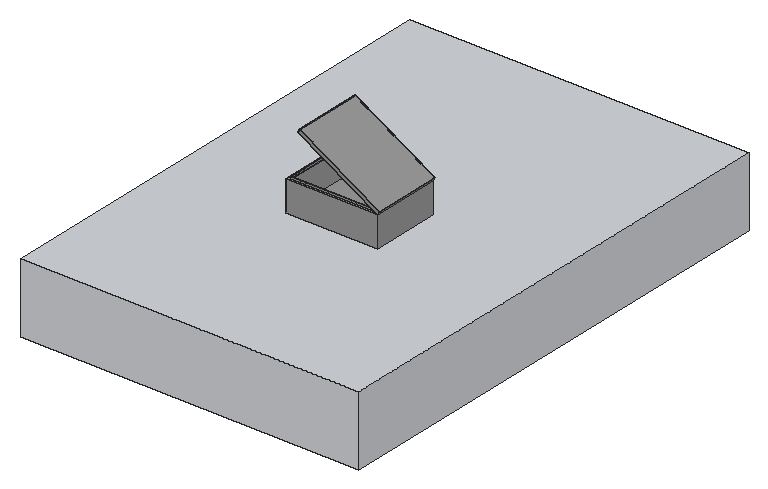
Revit family "Hager-Orion_Inox-IP66-D150-Cl.I-Inox_encl-630A-300mm-PL-pl", category Equipement électrique, Revit 2020
Family settings
  Hôte = Face
  Configuration du panneau = Deux colonnes, circuits au sein
  Cote de connecteur circulaire = Utiliser le diamètre
  Type d'élément = Tableau de raccordement
  Couper avec des vides une fois chargée = Non
  Partagée = Non
  Point de calcul de pièce = Non
Parameters (values of type "Montaż natynkowy IP66 S400 W300 G150  - FL013BWL")
  Width Control [instance] = if([EF000008 - Szerokość] > Min Width, [EF000008 - Szerokość], Min Width)  # 400 mm
  Commentaires du type = [HG000003 - Zakres]  # "Orion Inox"
  Thickness Door [instance] = if([EF009171 - Drzwi/pokrywa z materiału o wysokiej wytrzymałości mechanicznej] > 3 mm, 3 mm, [EF009171 - Drzwi/pokrywa z materiału o wysokiej wytrzymałości mechanicznej])  # 1.5 mm
  Seal Frame Offset [instance] = 17 mm  # constant formula
  Model = ""
  Min Width [instance] = 100 mm  # constant formula
  Min Height [instance] = 100 mm  # constant formula
  Min Depth [instance] = (2 * [EF009170 - Obudowa z materiału o wysokiej wytrzymałości mechanicznej]) + 1 mm  # 4 mm
  Internal Frame Depth [instance] = (Door System Depth * 0.5)  # 9 mm
  Height Control [instance] = if([EF000040 - Wysokość] > Min Height, [EF000040 - Wysokość], Min Height)  # 300 mm
  HG000027 - Wysokość cokołu = 0 mm
  HG000026 - Stojąca = no
  HG000024 - Wysokość części dolnej = 800 mm
  HG000023 - Obudowa dwusekcyjna = no
  HG000016 - Widoczność drzwi w widoku 3D [instance] = yes
  HG000015 - Przestrzeń robocza - otwarcie drzwi [instance] = no
  HG000014 - Drzwi prawe [instance] = yes
  HG000013 - Drzwi lewe [instance] = not([HG000014 - Drzwi prawe])  # no
  HG000012 - Kąt otwarcia drzwi [instance] = 30.00°
  HG000010 - Drzwi asymetryczne = no
  HG000009 - Drzwi dwuskrzydłowe = no
  HG000006 - Montaż podtynkowy = no
  HG000004 - Referencja producenta = "FL013BWL"
  HG000003 - Zakres = "Orion Inox"
  HG000002 - Z drzwiami lub pokrywą = yes
  Frame Offset Bottom [instance] = 10 mm  # constant formula
  Frame Offset [instance] = 15 mm  # constant formula
  EF015940 - Pokrywa z wyzwalaczem nadciśnieniowym = no
  EF011959 - Stopień ochrony (NEMA) = ""
  EF009554 - Liczba otworów pod flansze = 0
  Fabricant = "Hager"  # constant formula
  EF009212 - Wykonanie pokrywy = "EV000116 - Zamknięty"
  EF009171 - Drzwi/pokrywa z materiału o wysokiej wytrzymałości mechanicznej = 1.5 mm
  EF009170 - Obudowa z materiału o wysokiej wytrzymałości mechanicznej = 1.5 mm
  EF008873 - Prąd znamionowy (In) = 630 A
  EF007800 - Do ochrony odgromowej = no
  EF006306 - Z zamkiem = yes
  EF006244 - Transparentna pokrywa/drzwi = no
  EF005474 - Stopień ochrony (IP) = "EV006422 - IP66"
  EF004464 - Rodzaj drzwi = "EV002646 - Pojedynczy"
  EF004427 - Liczba modułów = 0
  EF004293 - Odporność udarowa = "EV008784 - IK10"
  EF003532 - Do zastosowań zewnętrznych = yes
  EF002950 - Szerokość wyrażona liczbą modułów = 0
  EF001613 - Podtrzymanie funkcji = "EV000494 - Brak"
  EF001596 - Materiał obudowy = "EV000166 - Stal nierdzewna"
  EF001131 - Głębokość wewnętrzna = 116 mm
  EF001088 - Możliwość rozbudowy = yes
  EF000437 - Liczba wejść kablowych = 0
  EF000339 - Rodzaj pokrywy = "EV004216 - Drzwi"
  EF000266 - Liczba rzędów = 0
  EF000218 - Głębokość wbudowania = 0 mm
  EF000118 - Z płytą montażową = no
  EF000116 - Numer RAL = ""
  EF000049 - Głębokość = 150 mm
  EF000040 - Wysokość = 300 mm
  EF000008 - Szerokość = 400 mm
  EF000007 - Kolor = "EV000154 - Inne"
  EF000003 - Sposób montażu = "EV000384 - Montaż natynkowy"
  Door System Leaf Tolerance [instance] = 1.5 mm  # constant formula
  Door System Depth [instance] = 18 mm  # constant formula
  Depth Control [instance] = if([EF000049 - Głębokość] > Min Depth, [EF000049 - Głębokość], Min Depth)  # 150 mm
  Default Elevation = 0 mm
Types (4, lengths in mm): name | Width Control | HG000004 - Referencja producenta | EF009212 - Wykonanie pokrywy | EF006306 - Z zamkiem | EF001613 - Podtrzymanie funkcji | EF000008 - Szerokość
  Montaż natynkowy IP66 S200 W300 G150  - FL010BW | 200 | "FL010BW" | "EV009916 - Z otworem" | no | "" | 200
  Montaż natynkowy IP66 S200 W300 G150  - FL010BWL | 200 | "FL010BWL" | "EV009916 - Z otworem" | no | "" | 200
  Montaż natynkowy IP66 S400 W300 G150  - FL013BW | 400 | "FL013BW" | "EV000116 - Zamknięty" | yes | "EV000494 - Brak" | 400
  Montaż natynkowy IP66 S400 W300 G150  - FL013BWL | 400 | "FL013BWL" | "EV000116 - Zamknięty" | yes | "EV000494 - Brak" | 400
Reference planes
  plane 1 "Center (Front/Back)": y = 0
  plane 2: z = 0
  plane 3 "Center (Left/Right)": x = 0
  plane 4: z = 150
  plane 5: y = 1.5
  plane 6: y = 150
  plane 7: y = 0
  plane 8: y = 300
  plane 9: z = 0
  plane 10: x = -185
  plane 11: x = 185
  plane 12: x = 183.5
  plane 13: x = -183.5
  plane 14: y = 298.5
  plane 15: x = -183
  plane 16: x = -200
  plane 17: x = 183
  plane 18: x = 200
  plane 19: x = 198.5
  plane 20: x = -198.5
  plane 21: y = 11.5
  plane 22: y = 300
  plane 23: y = 283.5
  plane 24: z = 132
  plane 25: z = 1.5
  plane 26: z = 130.5
  plane 27: z = 148.5
Forms (mm)
  Extrusion 1, solid
    sketch origin (0, 0, 0) x (1, 0, 0) y (0, 1, 0)
      loop
        line (-702.964, 1305) -> (-702.964, -811.445) -> (766.763, -811.445) -> (766.763, 1305) -> (-702.964, 1305)
    from 0 to -304.8
  Extrusion 2, solid, material "Hager_Stainless_Steel", detail levels medium+fine
    sketch origin (0, 0, 0) x (1, 0, 0) y (0, 1, 0)
      loop
        line (-200, 0) -> (200, 0) -> (200, 300) -> (-200, 300) -> (-200, 0)
    from 0 to 132
  Extrusion 3, solid, material "Hager_Steel_RAL 7035_Light_Grey", not visible, detail levels medium+fine
    sketch origin (0, 28.16, 50.802) x (0, 1, 0) y (0, 0, 1)
      loop
        line (173.34, -50.802) -> (173.34, 87.698)
        arc (173.34, 87.698) -> (170.411, 94.769) -> (163.34, 97.698) r 10
        line (163.34, 97.698) -> (133.34, 97.698) -> (133.34, -50.802) -> (173.34, -50.802)
    from -198.5 to 198.5
  Extrusion 4, void
    sketch origin (0, 0, 0) x (1, 0, 0) y (0, 1, 0)
      loop
        line (-198.5, 1.5) -> (198.5, 1.5) -> (198.5, 298.5) -> (-198.5, 298.5) -> (-198.5, 1.5)
    from 1.5 to 130.5
  Extrusion 5, void
    sketch origin (-381.607, -4572, 132) x (0, -1, 0) y (-1, 0, 0)
      loop
        line (-4583.5, -198.107) -> (-4855.5, -198.107) -> (-4855.5, -565.107) -> (-4583.5, -565.107) -> (-4583.5, -198.107)
    from 0 to 1.5 <- "EF009170 - Obudowa z materiału o wysokiej wytrzymałości mechanicznej"
  Extrusion 6, solid, material "Hager_Stainless_Steel", detail levels fine
    sketch origin (-381.607, -4572, 132) x (-1, 0, 0) y (0, -1, 0)
      loop
        line (-198.107, -4583.5) -> (-565.107, -4583.5) -> (-565.107, -4855.5) -> (-198.107, -4855.5) -> (-198.107, -4583.5)
      loop
        line (-197.107, -4582) -> (-566.107, -4582) -> (-566.107, -4857) -> (-197.107, -4857) -> (-197.107, -4582)
    from 0 to 9 <- "Internal Frame Depth"
  Extrusion 7, solid, material "Hager_Stainless_Steel", detail levels coarse
    sketch origin (0, 0, 0) x (1, 0, 0) y (0, 1, 0)
      loop
        line (-200, 0) -> (200, 0) -> (200, 300) -> (-200, 300) -> (-200, 0)
    from 0 to 150
Cuts and joins
  Extrusion 4, Extrusion 5 cuts Extrusion 2
Lines and regions (mm)
  Masking region 1
    outline origin (0, 0, 0) x (1, 0, 0) y (0, 0, 1)
      loop
        line (-200, 150) -> (-200, 0) -> (200, 0) -> (200, 150) -> (-200, 150)
  Masking region 2, detail levels medium+fine
    outline origin (0, 140, 0) x (0, 1, 0) y (0, 0, 1)
      loop
        line (-140, 0) -> (160, 0) -> (160, 132) -> (-140, 132) -> (-140, 0)
  Masking region 3, not visible, detail levels medium+fine
    outline origin (0, 297.922, 0) x (0, 1, 0) y (0, 0, 1)
      loop
        line (-136.422, 0) -> (-96.422, 0) -> (-96.422, 138.5)
        arc (-96.422, 138.5) -> (-99.351, 145.571) -> (-106.422, 148.5) r 10
        line (-106.422, 148.5) -> (-136.422, 148.5) -> (-136.422, 0)
  Masking region 4, detail levels coarse
    outline origin (0, 0, 180) x (0, 1, 0) y (0, 0, 1)
      loop
        line (0, -180) -> (300, -180) -> (300, -30) -> (0, -30) -> (0, -180)
  Masking region 5
    outline origin (-381.607, -4572, 132) x (-1, 0, 0) y (0, -1, 0)
      loop
        line (-181.607, -4872) -> (-181.607, -4572) -> (-581.607, -4572) -> (-581.607, -4872) -> (-181.607, -4872)
Dimensions and locks
  "Depth Control": plane 4 to Extrusion 1
  "EF009170 - Obudowa z materiału o wysokiej wytrzymałości mechanicznej": plane 5 to plane 7
  locked: connector elem to plane 3 "Center (Left/Right)"
  equal spacing: plane 8, plane 6, plane 7
  locked: connector elem to plane 6
  "EF009170 - Obudowa z materiału o wysokiej wytrzymałości mechanicznej": plane 8 to plane 14
  "EF009170 - Obudowa z materiału o wysokiej wytrzymałości mechanicznej": plane 10 to plane 13
  "EF009170 - Obudowa z materiału o wysokiej wytrzymałości mechanicznej": plane 12 to plane 11
  "Frame Offset": plane 20 to plane 13
  "Frame Offset": plane 12 to plane 19
  "EF009170 - Obudowa z materiału o wysokiej wytrzymałości mechanicznej": plane 16 to plane 20
  "EF009170 - Obudowa z materiału o wysokiej wytrzymałości mechanicznej": plane 19 to plane 18
  "Seal Frame Offset": plane 16 to plane 15
  "Seal Frame Offset": plane 17 to plane 18
  "Frame Offset Bottom": plane 21 to plane 5
  "Frame Offset": plane 14 to plane 23
  equal spacing: plane 16, plane 3 "Center (Left/Right)", plane 18
  "Width Control": plane 16 to plane 18
  "EF009170 - Obudowa z materiału o wysokiej wytrzymałości mechanicznej": plane 4 to plane 27
  "EF009170 - Obudowa z materiału o wysokiej wytrzymałości mechanicznej": plane 24 to plane 26
  "EF009170 - Obudowa z materiału o wysokiej wytrzymałości mechanicznej": plane 25 to level
  "Door System Depth": plane 4 to plane 24
  "Height Control": plane 1 "Center (Front/Back)" to Extrusion 7 sketch curve
  "Height Control": Masking region 4 sketch curve to plane 1 "Center (Front/Back)"
  "Thickness Door": Extrusion 6 sketch curve to plane 15
  "Thickness Door": plane 21 to Extrusion 6 sketch curve
  "Thickness Door": plane 17 to Extrusion 6 sketch curve
  "Thickness Door": Extrusion 6 sketch curve to plane 23
  "Height Control": plane 1 "Center (Front/Back)" to plane 22
  radius of Masking region 3 sketch curve = 10 mm
  radius of Extrusion 3 sketch curve = 10 mm
  aligned and locked: plane 2 to Extrusion 1
  aligned and locked: level to Extrusion 1
  aligned and locked: level to Masking region 1 sketch curve
  aligned and locked: Masking region 1 sketch curve to plane 18
  aligned and locked: Masking region 1 sketch curve to plane 16
  aligned and locked: plane 7 to Masking region 2 sketch curve
  aligned and locked: level to Masking region 3 sketch curve
  aligned and locked: Masking region 3 sketch curve to plane 27
  aligned and locked: level to Masking region 2 sketch curve
  aligned and locked: Extrusion 2 sketch curve to plane 7
  aligned and locked: plane 16 to Extrusion 2 sketch curve
  aligned and locked: plane 18 to Extrusion 2 sketch curve
  aligned and locked: Extrusion 3 sketch curve to level
  aligned and locked: plane 27 to Extrusion 3 sketch curve
  aligned and locked: plane 20 to Extrusion 3
  aligned and locked: plane 19 to Extrusion 3
  aligned and locked: plane 20 to Extrusion 4 sketch curve
  aligned and locked: plane 19 to Extrusion 4 sketch curve
  aligned and locked: Extrusion 4 sketch curve to plane 5
  aligned and locked: Extrusion 4 to plane 25
  aligned and locked: plane 26 to Extrusion 4
  aligned and locked: plane 24 to Extrusion 2
  aligned and locked: plane 21 to Extrusion 5 sketch curve
  aligned and locked: Extrusion 5 sketch curve to plane 13
  aligned and locked: Extrusion 5 sketch curve to plane 12
  aligned and locked: plane 18 to Extrusion 7 sketch curve
  aligned and locked: plane 1 "Center (Front/Back)" to Extrusion 7 sketch curve
  aligned and locked: plane 16 to Extrusion 7 sketch curve
  aligned and locked: plane 4 to Extrusion 7
  aligned and locked: Extrusion 7 to level
  aligned and locked: level to Masking region 4 sketch curve
  aligned and locked: Masking region 4 sketch curve to plane 1 "Center (Front/Back)"
  aligned and locked: Masking region 4 sketch curve to plane 4
  aligned and locked: nested 1 to level
  aligned and locked: nested 1 to plane 16
  aligned and locked: plane 8 to Extrusion 2 sketch curve
  aligned and locked: plane 23 to Extrusion 5 sketch curve
  aligned and locked: plane 14 to Extrusion 4 sketch curve
  aligned and locked: Extrusion 6 sketch curve to plane 21
  aligned and locked: plane 13 to Extrusion 6 sketch curve
  aligned and locked: plane 23 to Extrusion 6 sketch curve
  aligned and locked: plane 12 to Extrusion 6 sketch curve
  aligned and locked: Masking region 2 sketch curve to plane 8
  aligned and locked: Masking region 2 sketch curve to plane 24
  aligned and locked: nested 2 to plane 3 "Center (Left/Right)"
  aligned and locked: nested 2 to plane 24
  aligned and locked: Masking region 5 sketch curve to plane 1 "Center (Front/Back)"
  aligned and locked: Masking region 5 sketch curve to plane 18
  aligned and locked: Masking region 5 sketch curve to plane 22
  aligned and locked: Masking region 5 sketch curve to plane 16
  aligned and locked: plane 8 to plane 22
  aligned and locked: plane 7 to plane 1 "Center (Front/Back)"
  aligned and locked: nested 2 to plane 1 "Center (Front/Back)"
Automatic sketch dimensions
  Extrusion 1 sketch curve to Extrusion 1 sketch curve = 1469.727 mm
  Extrusion 1 sketch curve to Extrusion 1 sketch curve = 2116.445 mm
  plane 6 to Masking region 3 sketch curve = 11.5 mm
  Masking region 3 sketch curve to Masking region 3 sketch curve = 30 mm
  plane 6 to Extrusion 3 sketch curve = 11.5 mm
  Extrusion 3 sketch curve to Extrusion 3 sketch curve = 30 mm
  Masking region 1 sketch curve to plane 4 = 0 mm
Nested families
  nested 1: "Hager_Enclosure_Symbol" at (-200, 0, 0) x (1, 0, 0) z (0, -1, 0), Height <- "Depth Control", Width <- "Width Control", type "Hager_Enclosure_Symbol"
    with Width_Ctrl 400 mm, Width 400 mm, Height_Ctrl 150 mm, Height 150 mm, A_Width_Int 9.844 mm, A_Width 118.125 mm, A_Height_Ctrl 131.25 mm, A_Height 131.25 mm
  nested 2: "EC000058_OrionInox_Door" at (0, 300, 132) x (1, 0, 0) z (0, -1, 0), Leaf_Tolerance <- "Door System Leaf Tolerance", Angle <- "HG000012 - Kąt otwarcia drzwi", Door_Depth <- "Door System Depth", Door_Left <- "HG000013 - Drzwi lewe", Transparent <- "EF006244 - Transparentna pokrywa/drzwi", Assymetrical <- "HG000010 - Drzwi asymetryczne", Width <- "Width Control", Clearance <- "HG000015 - Przestrzeń robocza - otwarcie drzwi", Double <- "HG000009 - Drzwi dwuskrzydłowe", 3d_Door <- "HG000016 - Widoczność drzwi w widoku 3D", Width_Ctrl <- "Width Control", Door_Right <- "HG000014 - Drzwi prawe", Door <- "HG000002 - Z drzwiami lub pokrywą", Height <- "Height Control", Thickness <- "Thickness Door", type "EC000058_OrionInox_Door", detail levels medium+fine
    with min_wh 4 mm, Width_Ctrl 400 mm, Width 400 mm, Transparent no, Thickness 1.5 mm, Seal_Material Hager_Rubber, Leaf_Width 400 mm, Leaf_Tolerance_External_Sides 0 mm, Leaf_Tolerance 1.5 mm, Leaf_Offset 0 mm, Leaf_Height 297 mm, Leaf_2_Width 400 mm, Leaf_2_Offset 200 mm, Leaf_1_Width 400 mm, Leaf_1_Offset 200 mm, Height_Ctrl 300 mm, Height 300 mm, Glass_Material Hager_Glass, Double_Clearance_Ctrl no, Double no, Door_Right_Ctrl yes, Door_Right yes, Door_Material Hager_Stainless_Steel, Door_Left_Ctrl no, Door_Left no, Door_Depth 18 mm, Door yes, Clearance_Material Hager_Clearance, Clearance_Depth 400 mm, Clearance_Ctrl no, Clearance no, Assymetrical no, Angle 30.00°, 3d_Door yes
Connectors
  electrical at (0, 150, 0)
    settings: on plane 9, index 1, voltage 0 V, apparent load 0 VA, apparent load phase1 0 VA, apparent load phase2 0 VA, apparent load phase3 0 VA, power factor 1, load classification "Other", number of poles 1, system type 30, power factor state 1, is connector primary yes, connector utility no, sub classification motor no, connector description ""
Definition of nested family "EC000058_OrionInox_Door"
  Parameters (values of type "EC000058_OrionInox_Door")
    min_wh [instance] = (2 * Thickness) + 1 mm  # 11 mm
    Width_Ctrl [instance] = 400 mm
    Width [instance] = 500 mm
    Transparent [instance] = yes
    Thickness [instance] = 5 mm
    Seal_Material [instance] = none
    Leaf_Width [instance] = if((Width_Ctrl - 2 * Leaf_Tolerance_External_Sides) > 0 mm, (Width_Ctrl - 2 * Leaf_Tolerance_External_Sides), min_wh)  # 400 mm
    Leaf_Tolerance_External_Sides [instance] = 0 mm  # constant formula
    Leaf_Tolerance [instance] = 1.5 mm
    Leaf_Offset [instance] = 0 mm  # constant formula
    Leaf_Height [instance] = if((Height_Ctrl - 2 * Leaf_Tolerance) > 0 mm, (Height_Ctrl - 2 * Leaf_Tolerance), min_wh)  # 497 mm
    Leaf_2_Width [instance] = if(and(and(Double, Assymetrical), Door_Left), (Leaf_Width / 3) - (Leaf_Tolerance / 2), if(and(and(Double, Assymetrical), Door_Right), (Leaf_Width / 3) * 2 - (Leaf_Tolerance / 2), if(and(Double, not(Assymetrical)), (Leaf_Width / 2) - Leaf_Tolerance, Leaf_Width)))  # 400 mm
    Leaf_2_Offset [instance] = if(and(Double, Assymetrical), Leaf_2_Width / 2, if(and(Double, not(Assymetrical)), Leaf_Width / 4, Leaf_Width / 2))  # 200 mm
    Leaf_1_Width [instance] = if(and(and(Double, Assymetrical), Door_Right), (Leaf_Width / 3) - (Leaf_Tolerance / 2), if(and(and(Double, Assymetrical), Door_Left), (Width / 3) * 2 - (Leaf_Tolerance / 2), if(and(Double, not(Assymetrical)), (Leaf_Width / 2) - Leaf_Tolerance, Leaf_Width)))  # 400 mm
    Leaf_1_Offset [instance] = if(and(Double, Assymetrical), Leaf_1_Width / 2, if(and(Double, not(Assymetrical)), Leaf_Width / 4, Leaf_Width / 2))  # 200 mm
    Height_Ctrl [instance] = if(Height > min_wh, Height, min_wh)  # 500 mm
    Height [instance] = 500 mm
    Glass_Material [instance] = none
    Double_Clearance_Ctrl [instance] = and(Double, Clearance)  # no
    Double [instance] = no
    Door_Right_Ctrl [instance] = and(or(Door_Right, Double), Door)  # yes
    Door_Right [instance] = yes
    Door_Material [instance] = none
    Door_Left_Ctrl [instance] = and(or(Door_Left, Double), Door)  # no
    Door_Left [instance] = no
    Door_Depth [instance] = 30 mm
    Door [instance] = yes
    Default Elevation = 1219.2 mm
    Clearance_Material [instance] = none
    Clearance_Depth [instance] = if(Leaf_1_Width > Leaf_2_Width, Leaf_1_Width, Leaf_2_Width)  # 400 mm
    Clearance_Ctrl [instance] = and(not(Double), Clearance)  # yes
    Clearance [instance] = yes
    Assymetrical [instance] = yes
    Angle [instance] = 30.00°
    3d_Door [instance] = yes
  Reference planes
    plane 1 "Center (Front/Back)": y = 0
    plane 2 "Bottom": z = 0
    plane 3 "Center (Left/Right)": x = 0
    plane 4: z = 500
    plane 5: x = -200
    plane 6: x = 200
    plane 7: z = 500
    plane 8: x = -200
    plane 9: z = 0
    plane 10: x = 200
    plane 11: y = 0
    plane 12: z = 1.5
    plane 13: x = -600
    plane 14: y = -400
    plane 15: x = 600
    plane 16: x = 0
    plane 17: x = 0
    plane 18: x = -200
    plane 19: x = 200
    plane 20: z = 498.5
  Forms (mm)
    Extrusion 1, solid, material <- "Clearance_Material", visible <- "Double_Clearance_Ctrl"
      sketch origin (1200, 0, 0) x (1, 0, 0) y (0, 0, -1)
        loop
          line (-1800, -498.5) -> (-600, -498.5) -> (-600, 0) -> (-1800, 0) -> (-1800, -498.5)
      from 0 to -400
  Dimensions and locks
    equal spacing: plane 5, plane 3 "Center (Left/Right)", plane 6
    "Width_Ctrl": plane 5 to plane 6
    "Leaf_Offset": plane 5 to plane 8
    "Leaf_Offset": plane 6 to plane 10
    "Leaf_Offset": plane 9 to level
    "Leaf_Offset": plane 4 to plane 7
    "Height_Ctrl": plane 4 to level
    "Leaf_Tolerance": plane 12 to plane 9
    locked: plane 11 to plane 1 "Center (Front/Back)"
    "Leaf_1_Offset": plane 18 to plane 16
    "Leaf_2_Offset": plane 17 to plane 19
    "Leaf_1_Width": plane 13 to plane 8
    "Leaf_2_Width": plane 10 to plane 15
    "Clearance_Depth": plane 14 to plane 1 "Center (Front/Back)"
    "Leaf_Tolerance_External_Sides": plane 8 to plane 18
    "Leaf_Tolerance_External_Sides": plane 19 to plane 10
    "Leaf_Tolerance": plane 7 to plane 20
    aligned and locked: level to plane 2 "Bottom"
    aligned and locked: nested 1 to plane 16
    aligned and locked: nested 2 to plane 17
    aligned and locked: Extrusion 1 to plane 13
    aligned and locked: plane 15 to Extrusion 1
    aligned and locked: Extrusion 1 to plane 14
    aligned and locked: plane 12 to nested 1
    aligned and locked: nested 2 to plane 12
    aligned and locked: Extrusion 1 to plane 11
    aligned and locked: plane 20 to Extrusion 1
    aligned and locked: nested 2 to plane 11
    aligned and locked: nested 1 to plane 11
  Automatic sketch dimensions
    Extrusion 1 sketch curve to level = 0 mm
    plane 5 to Extrusion 1 sketch curve = 400 mm
    plane 6 to Extrusion 1 sketch curve = 400 mm
    Extrusion 1 sketch curve to plane 4 = 1.5 mm
  Nested families
    nested 1: "EC000058_OrionInox_Door_Leaf" at (0, 0, 1.5), Width <- "Leaf_1_Width", visible <- "Door_Left_Ctrl", Leaf_Height <- "Leaf_Height", Angle <- "Angle", 3d_Door <- "3d_Door", Transparent <- "Transparent", Clearance Material <- "Clearance_Material", Clearance <- "Clearance_Ctrl", Door_Material <- "Door_Material", Glass_Material <- "Glass_Material", Door_Depth <- "Door_Depth", Seal_Material <- "Seal_Material", Thickness <- "Thickness", type "EC000058_OrionInox_Door_Leaf"
      with Width 400 mm, Transparent_Ctrl yes, Transparent yes, Thickness 5 mm, Standard no, Seal_Material none, Seal_D2 8 mm, Seal_D1 1 mm, Offset_Internal_Frame 10 mm, Lock_Width 28 mm, Lock_Thickness 2 mm, Lock_Radius 6 mm, Leaf_Height 497 mm, Internal_Seal_Thickness 8 mm, Internal_Seal_Depth_2 4.5 mm, Internal_Frame_Depth 25 mm, Glass_Thickness -1 mm, Glass_Offset -2 mm, Glass_Material none, Door_Material none, Door_Depth 30 mm, Clearance Material none, Clearance yes, Angle_Ctrl 30.00°, Angle 30.00°, 3d_Door yes
    nested 2: "EC000058_OrionInox_Door_Leaf" at (0, 0, 1.5) x (-1, 0, 0) z (0, 0, 1), Width <- "Leaf_2_Width", visible <- "Door_Right_Ctrl", Leaf_Height <- "Leaf_Height", Angle <- "Angle", 3d_Door <- "3d_Door", Transparent <- "Transparent", Clearance Material <- "Clearance_Material", Clearance <- "Clearance_Ctrl", Door_Material <- "Door_Material", Glass_Material <- "Glass_Material", Door_Depth <- "Door_Depth", Seal_Material <- "Seal_Material", Thickness <- "Thickness", type "EC000058_OrionInox_Door_Leaf"
      with Width 400 mm, Transparent_Ctrl yes, Transparent yes, Thickness 5 mm, Standard no, Seal_Material none, Seal_D2 8 mm, Seal_D1 1 mm, Offset_Internal_Frame 10 mm, Lock_Width 28 mm, Lock_Thickness 2 mm, Lock_Radius 6 mm, Leaf_Height 497 mm, Internal_Seal_Thickness 8 mm, Internal_Seal_Depth_2 4.5 mm, Internal_Frame_Depth 25 mm, Glass_Thickness -1 mm, Glass_Offset -2 mm, Glass_Material none, Door_Material none, Door_Depth 30 mm, Clearance Material none, Clearance yes, Angle_Ctrl 30.00°, Angle 30.00°, 3d_Door yes
  Definition of nested family "EC000058_OrionInox_Door_Leaf"
    Parameters (values of type "EC000058_OrionInox_Door_Leaf")
      Width [instance] = 450 mm
      Transparent_Ctrl [instance] = and(Transparent, [3d_Door])  # yes
      Transparent [instance] = yes
      Thickness [instance] = 5 mm
      Standard [instance] = and(not(Transparent), [3d_Door])  # no
      Seal_Material [instance] = none
      Seal_D2 [instance] = 8 mm  # constant formula
      Seal_D1 [instance] = 1 mm  # constant formula
      Offset_Internal_Frame [instance] = 10 mm  # constant formula
      Lock_Width [instance] = Door_Depth - Lock_Thickness  # 28 mm
      Lock_Thickness [instance] = 2 mm  # constant formula
      Lock_Radius [instance] = 6 mm  # constant formula
      Leaf_Height [instance] = 450 mm
      Internal_Seal_Thickness [instance] = 8 mm  # constant formula
      Internal_Seal_Depth_2 [instance] = 4.5 mm  # constant formula
      Internal_Frame_Depth [instance] = if(Door_Depth - Thickness > 5 mm, Door_Depth - Thickness, 5 mm)  # 25 mm
      Glass_Thickness [instance] = if(Thickness > 15 mm, Glass_Offset + 10 mm, -1 mm)  # -1 mm
      Glass_Offset [instance] = if(Thickness > 15 mm, -(Thickness + 10 mm) / 2, -2 mm)  # -2 mm
      Glass_Material [instance] = none
      Door_Material [instance] = none
      Door_Depth [instance] = 30 mm
      Default Elevation = 0 mm
      Clearance Material [instance] = none
      Clearance [instance] = yes
      Angle_Ctrl [instance] = if(Angle > 180.00°, 180.00°, Angle)  # 90.00°
      Angle [instance] = 90.00°
      3d_Door [instance] = yes
    Reference planes
      plane 1 "Center (Front/Back)": y = 0
      plane 2: z = 0
      plane 3 "Center (Left/Right)": x = 0
      plane 4: y = 450
      plane 5: x = -225
      plane 6: x = 225
      plane 7: x = -675
      plane 8: z = 450
      plane 9: z = 30
      plane 10: z = 420
      plane 11: x = 195
      plane 12: x = -195
      plane 13: y = -3
      plane 14: z = 107.833
      plane 15: y = -5
      plane 16: y = -223.314
      plane 17: x = -225
      plane 18: y = 30
    Forms (mm)
      Extrusion 1, solid, material <- "Clearance Material", visible <- "Clearance"
        sketch origin (0, 0, 0) x (1, 0, 0) y (0, 0, 1)
          loop
            line (-675, 450) -> (-675, 0) -> (225, 0) -> (225, 450) -> (-675, 450)
        from 0 to -450
      Extrusion 2, solid, material <- "Door_Material", visible <- "Standard", detail levels medium+fine
        sketch origin (-225, 0, 0) x (0, 1, 0) y (-1, 0, 0)
          loop
            line (0, 30) -> (0, 25) -> (450, 25) -> (450, 30) -> (0, 30)
        from 0 to 450 <- "Leaf_Height"
      Extrusion 3, solid, material <- "Door_Material", visible <- "Transparent_Ctrl", detail levels medium+fine
        sketch origin (-225, 0, 0) x (0, 1, 0) y (-1, 0, 0)
          loop
            line (0, 25) -> (450, 25) -> (450, 30) -> (0, 30) -> (0, 25)
        from 0 to 450 <- "Leaf_Height"
      Extrusion 4, void
        sketch origin (-250, 450, 0) x (0, 1, 0) y (0, 0, -1)
          loop
            line (-30, -420) -> (-30, -30) -> (-420, -30) -> (-420, -420) -> (-30, -420)
        from 0 to 5 <- "Thickness"
      Sweep 5, solid, material <- "Seal_Material", visible <- "Transparent_Ctrl", detail levels fine
        path in 3D
          loop
            line (-250, 30, 30) -> (-250, 30, 420) -> (-250, 420, 420) -> (-250, 420, 30) -> (-250, 30, 30)
        profile origin (-250, 225, 30) x (1, 0, 0) y (0, 0, 1)
          loop
            line (0, 0) -> (0, -8) -> (1, -8) -> (1, 0) -> (0, 0)
      Extrusion 6, solid, material <- "Glass_Material", visible <- "Transparent_Ctrl", detail levels medium+fine
        sketch origin (-255, 0, 0) x (0, 1, 0) y (0, 0, -1)
          loop
            line (420, -420) -> (420, -30) -> (30, -30) -> (30, -420) -> (420, -420)
        from -2 <- "Glass_Offset" to -1 <- "Glass_Thickness"
      Extrusion 7, solid, material <- "Door_Material", visible <- "3d_Door", detail levels medium+fine
        sketch origin (-250, 450, 0) x (0, -1, 0) y (0, 0, -1)
          loop
            line (0, -450) -> (450, -450) -> (450, 0) -> (0, 0) -> (0, -450)
          loop
            line (445, -5) -> (5, -5) -> (5, -445) -> (445, -445) -> (445, -5)
        from 0 to 25 <- "Internal_Frame_Depth"
      Sweep 8, solid, material <- "Seal_Material", visible <- "Transparent_Ctrl", detail levels fine
        path in 3D
          loop
            line (-250, 0, 0) -> (-250, 450, 0) -> (-250, 450, 450) -> (-250, 0, 450) -> (-250, 0, 0)
        profile origin (-250, 0, 225) x (1, 0, 0) y (0, 1, 0)
          loop
            line (0, 10) -> (2.975, 10)
            arc (2.975, 10) -> (4.053, 10.447) -> (4.5, 11.525) r 1.525
            line (4.5, 11.525) -> (4.5, 16.527)
            arc (4.5, 16.527) -> (4.069, 17.569) -> (3.027, 18) r 1.473
            line (3.027, 18) -> (0, 18) -> (0, 10)
    Cuts and joins
      Extrusion 4 cuts Extrusion 3
    Lines and regions (mm)
      Masking region 1, detail levels medium+fine
        outline origin (0, 0, 0) x (0, 1, 0) y (0, 0, 1)
          loop
            line (0, 0) -> (30, 0) -> (30, 450) -> (0, 450) -> (0, 0)
      Masking region 2, detail levels medium+fine
        outline origin (0, 0, 0) x (1, 0, 0) y (0, 0, 1)
          loop
            line (-225, 450) -> (-225, 0) -> (225, 0) -> (225, 450) -> (-225, 450)
      symbolic lines
        curve 1: line (225, 0, 0) -> (-675, 0, 0)
        curve 2: arc (225, 0, 0) -> (-225, 450, 0) -> (-675, 0, 0) r 450
        curve 4: line (-255, 0, 0) -> (-255, 450, 0)
      reference lines
        curve 3: line (-225, 0, 0) -> (-225, 450, 0)
      symbolic lines, detail levels medium+fine
        curve 5: line (-255, 450, 0) -> (-250, 450, 0)
        curve 7: line (-250, 0, 0) -> (-255, 0, 0)
        curve 8: line (-250, 0, 0) -> (-225, 0, 0)
        curve 9: line (-225, 0, 0) -> (-225, 450, 0)
        curve 10: line (-225, 450, 0) -> (-250, 450, 0)
      symbolic lines, detail levels fine
        curve 6: line (-250, 450, 0) -> (-250, 0, 0)
      sketch lines
        curve 11: line (-250, 0, 450) -> (-250, 0, 0)
        curve 12: line (-250, 450, 0) -> (-250, 0, 0)
        curve 13: line (-250, 450, 450) -> (-250, 450, 0)
        curve 14: line (-250, 0, 450) -> (-250, 450, 450)
        curve 15: line (-250, 420, 30) -> (-250, 30, 30)
        curve 16: line (-250, 30, 30) -> (-250, 30, 420)
        curve 17: line (-250, 420, 420) -> (-250, 420, 30)
        curve 18: line (-250, 30, 420) -> (-250, 420, 420)
      symbolic lines, visible <- "Transparent", detail levels medium+fine
        curve 19: line (-195, 0, 420) -> (195, 0, 420)
        curve 20: line (-195, 0, 30) -> (-195, 0, 420)
        curve 21: line (195, 0, 30) -> (-195, 0, 30)
        curve 22: line (195, 0, 420) -> (195, 0, 30)
    Dimensions and locks
      "Width": plane 1 "Center (Front/Back)" to plane 4
      equal spacing: plane 5, plane 3 "Center (Left/Right)", plane 6
      "Width": plane 5 to plane 6
      "Width": plane 7 to plane 5
      "Leaf_Height": plane 8 to level
      "Width": curve 5 to curve 3
      "Width": curve 3 to curve 3
      plane 8 to plane 10 = 30 mm
      plane 9 to level = 30 mm
      plane 12 to plane 5 = 30 mm
      plane 6 to plane 11 = 30 mm
      Extrusion 4 sketch curve to Extrusion 3 = 30 mm
      Extrusion 3 to Extrusion 4 sketch curve = 30 mm
      Extrusion 1 to Extrusion 4 sketch curve = 30 mm
      curve 3 to Extrusion 4 sketch curve = 30 mm
      Extrusion 4 sketch curve to cut or joined group of Extrusion 3, Extrusion 4 = 30 mm
      cut or joined group of Extrusion 3, Extrusion 4 to Extrusion 6 sketch curve = 30 mm
      cut or joined group of Extrusion 3, Extrusion 4 to Extrusion 4 sketch curve = 30 mm
      "Thickness": curve 6 to curve 4
      "Thickness": Extrusion 7 sketch curve to Extrusion 7 sketch curve  (x4)
      "Door_Depth": curve 4 to curve 3
      "Offset_Internal_Frame": profile plane to Sweep 8 sketch curve
      "Internal_Seal_Thickness": Sweep 8 sketch curve to Sweep 8 sketch curve
      "Internal_Seal_Depth_2": profile plane to Sweep 8 sketch curve
      "Seal_D1": profile plane to Sweep 5 sketch curve
      "Seal_D2": profile plane to Sweep 5 sketch curve
      "Thickness": Extrusion 2 sketch curve to Extrusion 2 sketch curve
      "Door_Depth": plane 18 to plane 1 "Center (Front/Back)"
      radius of Sweep 8 sketch curve = 1.525 mm
      radius of Sweep 8 sketch curve = 1.473 mm
      "Angle_Ctrl": angle plane 1 "Center (Front/Back)" to curve 3
      aligned and locked: level to plane 2
      aligned and locked: Extrusion 1 to curve 1
      aligned and locked: plane 6 to Extrusion 1
      aligned and locked: plane 1 "Center (Front/Back)" to Extrusion 1
      aligned and locked: plane 4 to Extrusion 1
      aligned and locked: plane 8 to Extrusion 1
      aligned and locked: curve 7 to Extrusion 2 sketch curve
      aligned and locked: curve 5 to Extrusion 2 sketch curve
      aligned and locked: curve 7 to Extrusion 3 sketch curve
      aligned and locked: Extrusion 3 sketch curve to curve 4
      aligned and locked: Extrusion 3 sketch curve to curve 6
      aligned and locked: Extrusion 3 sketch curve to curve 5
      aligned and locked: curve 9 to curve 3
      aligned and locked: Extrusion 7 sketch curve to cut or joined group of Extrusion 3, Extrusion 4  (x4)
      aligned and locked: plane 17 to curve 3
      aligned and locked: plane 1 "Center (Front/Back)" to curve 3
      aligned and locked: plane 17 to plane 5
      aligned and locked: Sweep 8 sketch curve to profile plane
      aligned and locked: Sweep 5 sketch curve to profile plane  (x2)
      aligned and locked: plane 1 "Center (Front/Back)" to Masking region 1 sketch curve
      aligned and locked: plane 18 to Masking region 1 sketch curve
      aligned and locked: level to Masking region 1 sketch curve
      aligned and locked: Masking region 1 sketch curve to plane 8
      aligned and locked: plane 17 to Masking region 2 sketch curve
      aligned and locked: level to Masking region 2 sketch curve
      aligned and locked: Masking region 2 sketch curve to plane 8
      aligned and locked: plane 12 to curve 20
      aligned and locked: plane 10 to curve 19
      aligned and locked: plane 11 to curve 22
      aligned and locked: plane 9 to curve 21
      aligned and locked: Extrusion 2 sketch curve to cut or joined group of Extrusion 3, Extrusion 4
    Automatic sketch dimensions
      plane 1 "Center (Front/Back)" to curve 2 = 0 mm
      curve 2 to plane 5 = 0 mm
      Extrusion 1 sketch curve to level = 0 mm
      Extrusion 1 sketch curve to plane 7 = 0 mm
      Extrusion 1 sketch curve to plane 6 = 0 mm
      Extrusion 1 sketch curve to plane 8 = 0 mm
      Extrusion 3 to Extrusion 6 sketch curve = 30 mm  (x4)
      Masking region 2 sketch curve to plane 6 = 0 mm
      curve 4 to curve 3 = 0 mm
Definition of nested family "Hager_Enclosure_Symbol"
  Parameters (values of type "Hager_Enclosure_Symbol")
    Width_Ctrl [instance] = if(Width > 1 mm, Width, 1 mm)  # 102.27 mm
    Width [instance] = 102.27 mm
    Height_Ctrl [instance] = if(Height > 1 mm, Height, 1 mm)  # 66.5 mm
    A_Width_Int [instance] = if(A_Width / 12 > 2 mm, A_Width / 12, 2 mm)  # 4.364 mm
    A_Width [instance] = if(A_Height_Ctrl * 0.9 > 2 mm, A_Height_Ctrl * 0.9, 2 mm)  # 52.369 mm
    A_Height_Ctrl [instance] = if(A_Height > 2 mm, A_Height, 2 mm)  # 58.188 mm
    Height [instance] = 66.5 mm
    A_Height [instance] = Height - (Height / 8)  # 58.188 mm
  Reference planes
    plane 1 "Centre (avant/arrière)": y = 0
    plane 2: z = 0
    plane 3 "Centre (gauche/droite)": x = 0
    plane 4: x = 52.369
    plane 5: y = 33.042
    plane 6: y = 41.77
    plane 7: y = 66.5
    plane 8: x = 26.184
    plane 9: y = 37.406
    plane 10: x = 102.27
    plane 11: y = 66.5
    plane 12: y = 8.313
  Lines and regions (mm)
    Filled region 1, type "Solid_Black", in view "Niveau de réf."
      outline origin (0, 0, 0) x (1, 0, 0) y (0, 1, 0)
        loop
          line (52.369, 66.5) -> (33.188, 54.536) -> (45.365, 45.006) -> (52.369, 66.5)
    Filled region 2, type "Solid_Black", in view "Niveau de réf."
      outline origin (0, 0, 0) x (1, 0, 0) y (0, 1, 0)
        loop
          line (0, 0) -> (102.27, 0) -> (102.27, 66.5) -> (0, 0)
    detail lines, in view "Niveau de réf."
      curve 1: line (0, 8.313, 0) -> (26.184, 41.77, 0)
      curve 2: line (26.184, 41.77, 0) -> (26.184, 33.042, 0)
      curve 3: line (26.184, 33.042, 0) -> (52.369, 66.5, 0)
  Dimensions and locks
    "A_Width": plane 3 "Centre (gauche/droite)" to plane 4
    equal spacing: plane 3 "Centre (gauche/droite)", plane 8, plane 4
    equal spacing: plane 6, plane 9, plane 5
    equal spacing: curve 3, Filled region 1 sketch curve, Filled region 1 sketch curve
    "Height_Ctrl": plane 1 "Centre (avant/arrière)" to plane 11
    "A_Height_Ctrl": plane 11 to plane 12
    equal spacing: plane 11, plane 9, plane 12
    "A_Width_Int": plane 6 to plane 9
    "Width_Ctrl": plane 3 "Centre (gauche/droite)" to plane 10
    angle Filled region 1 sketch curve to curve 3 = 20.00°
    angle curve 3 to Filled region 1 sketch curve = 20.00°
    locked: curve 3 to Filled region 1 sketch curve (angle 90.00°)
    aligned and locked: plane 10 to Filled region 2
    aligned and locked: plane 11 to Filled region 2 sketch curve
    aligned and locked: plane 10 to Filled region 2 sketch curve
    aligned and locked: plane 3 "Centre (gauche/droite)" to curve 1
    aligned and locked: plane 12 to curve 1
    aligned and locked: plane 7 to plane 11
  Automatic sketch dimensions
    Filled region 1 sketch curve to plane 4 = 0 mm
    Filled region 1 sketch curve to plane 7 = 0 mm
    plane 1 "Centre (avant/arrière)" to Filled region 2 sketch curve = 0 mm
    Filled region 2 sketch curve to plane 3 "Centre (gauche/droite)" = 0 mm
    curve 2 to plane 6 = 0 mm
    curve 2 to plane 8 = 0 mm
    curve 3 to plane 4 = 0 mm
    curve 2 to plane 5 = 0 mm
    curve 3 to plane 7 = 0 mm
